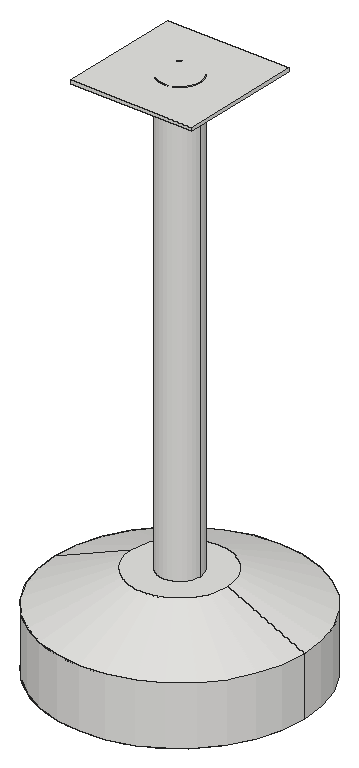
Revit family "Fans_Industrial_Standard-Drive-Fans_Commercial_Large-Diameter-10ft_Apex_Epic-Fans", category Electrical Fixtures, host Ceiling, Revit 2026
Family settings
  Host = Ceiling
  Round Connector Dimension = Use Diameter
  Part Type = Normal
  Classification Number = 23.80.00.00
  Always vertical = Yes
  Cut with Voids When Loaded = No
  Maintain Annotation Orientation = No
  Shared = No
  Room Calculation Point = No
Parameters (values of type "2' Down Tube")
  Model = "Commercial"
  Down Tube = 2' - 0"
  Description = "HVLS Fan"
  Default Elevation = 0' - 0"
Types (10): name | Down Tube
  (no name) | 2' - 0"
  2' Down Tube | 2' - 0"
  3' Down Tube | 3' - 0"
  4' Down Tube | 4' - 0"
  5' Down Tube | 5' - 0"
  6' Down Tube | 6' - 0"
  7' Down Tube | 7' - 0"
  8' Down Tube | 8' - 0"
  9' Down Tube | 9' - 0"
  10' Down Tube | 10' - 0"
Reference planes (in)
  plane 1 "Center (Front/Back)": y = 0
  plane 2 "Ceiling": z = 96
  plane 3 "Center (Left/Right)": x = 0
  plane 4: x = 3.5
  plane 5: x = -3.5
  plane 6: y = 3.5
  plane 7: y = -3.5
  plane 8: z = 70.5
  plane 9: z = 68.625
  plane 10: z = 65.25
  plane 11: z = 63.375
  plane 12: z = 66.9375
  plane 13: z = 94.5
Forms (in)
  Extrusion 1, solid, material "Steel"
    sketch origin (0, 0, 96) x (1, 0, 0) y (0, 1, 0)
      loop
        line (-3.5, 3.5) -> (-3.5, -3.5) -> (3.5, -3.5) -> (3.5, 3.5) -> (-3.5, 3.5)
    from 0 to -0.1875
  Extrusion 2, solid, material "Steel"
    sketch origin (0, 0, 96) x (1, 0, 0) y (0, 1, 0)
      loop
        circle (0, 0) r 1.18687
    from 0 to -25.5
  Blend 3, solid, material "Steel"
    base sketch origin (0, 0, 0) x (1, 0, 0) y (0, 1, 0)
      loop
        circle (0, 0) r 2.75
    top sketch origin (0, 0, 0) x (1, 0, 0) y (0, 1, 0)
      loop
        circle (0, 0) r 7.1875
    from 70.5 to 68.625
  Extrusion 4, solid, material "Steel"
    sketch origin (0, 0, 0) x (1, 0, 0) y (0, 1, 0)
      loop
        circle (0, 0) r 7.1875
    from 68.625 to 65.25
  Blend 5, solid, material "Steel"
    base sketch origin (0, 0, 0) x (1, 0, 0) y (0, 1, 0)
      loop
        circle (0, 0) r 7.1875
    top sketch origin (0, 0, 0) x (1, 0, 0) y (0, 1, 0)
      loop
        circle (0, 0) r 2.75
    from 65.25 to 63.375
Dimensions and locks (in)
  equal spacing: host sketch curve, plane 3 "Center (Left/Right)", host sketch curve
  equal spacing: host sketch curve, plane 1 "Center (Front/Back)", host sketch curve
  host sketch curve to host sketch curve = 10' - 0"  (x2)
  equal spacing: plane 5, plane 3 "Center (Left/Right)", plane 4
  locked: plane 5 to plane 4 at 7
  equal spacing: plane 6, plane 1 "Center (Front/Back)", plane 7
  locked: plane 6 to plane 7 at 7
  locked: plane 9 to plane 8 at 1.875
  locked: plane 10 to plane 9 at 3.375
  locked: plane 11 to plane 10 at 1.875
  equal spacing: plane 8, plane 12, plane 11
  locked: plane 2 "Ceiling" to plane 13 at 1.5
  "Down Tube": plane 13 to plane 8
  radius of Extrusion 2 sketch curve = 0' - 1.18687"
  radius of Blend 3 sketch curve = 0' - 2 3/4"
  radius of Extrusion 4 sketch curve = 0' - 7 3/16"
  radius of Blend 5 sketch curve = 0' - 7 3/16"
  radius of Blend 5 sketch curve = 0' - 2 3/4"
  aligned and locked: Extrusion 1 sketch curve to plane 6
  aligned and locked: Extrusion 1 sketch curve to plane 5
  aligned and locked: plane 7 to Extrusion 1 sketch curve
  aligned and locked: plane 4 to Extrusion 1 sketch curve
  aligned and locked: plane 3 "Center (Left/Right)" to Extrusion 2 sketch curve
  aligned and locked: plane 1 "Center (Front/Back)" to Extrusion 2 sketch curve
  aligned and locked: Extrusion 2 to plane 8
  aligned and locked: plane 1 "Center (Front/Back)" to Blend 3 sketch curve  (x2)
  aligned and locked: plane 3 "Center (Left/Right)" to Blend 3 sketch curve  (x2)
  aligned and locked: plane 8 to Blend 3
  aligned and locked: Blend 3 to plane 9
  aligned and locked: plane 1 "Center (Front/Back)" to Extrusion 4 sketch curve
  aligned and locked: plane 3 "Center (Left/Right)" to Extrusion 4 sketch curve
  aligned and locked: plane 9 to Extrusion 4
  aligned and locked: Extrusion 4 to plane 10
  aligned and locked: plane 3 "Center (Left/Right)" to Blend 5 sketch curve  (x2)
  aligned and locked: plane 1 "Center (Front/Back)" to Blend 5 sketch curve  (x2)
  aligned and locked: plane 10 to Blend 5
  aligned and locked: Blend 5 to plane 11
  aligned and locked: import instance to plane 12
  aligned and locked: plane 1 "Center (Front/Back)" to import instance
  aligned and locked: import instance to plane 3 "Center (Left/Right)"
Automatic sketch dimensions
  radius of Blend 3 sketch curve = 0' - 7 3/16"
